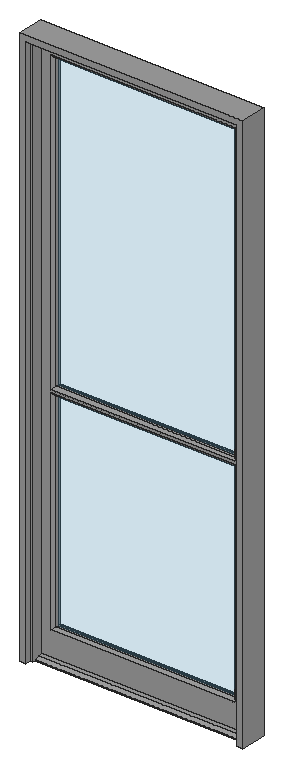
Revit family "NS-212 DOOR-0.25-PD-CW_v05", category Curtain Panels, Revit 2015
Parameters
  Width [instance] = 3' - 2"
  URL = "obe.com"
  Rough Width [instance] = 6' - 0"
  Panel Width [instance] = [Min-Max Panel Width]  # 3' - 0"
  Panel Offset [instance] = 0' - 0"
  Offset [instance] = 0' - 0"
  Model = "NS-212 DOOR"
  Min-Max Rough Width [instance] = if(and((Rough Width > 3' 1 255/256"), (Rough Width < 3' 8 1/256")), Rough Width, 3' 2")  # 3' - 2"
  Min-Max Panel Width [instance] = if(and((Rough Width > 3' 1 255/256"), (Rough Width < 3' 8 1/256")), Rough Width - 0' 2 1/2", 3' 0")  # 3' - 0"
  Manufacturer = "Oldcastle BuildingEnvelope®"
  Keynote = "08 11 00"
  Hinge [instance] = yes
  Height [instance] = 8' - 0"
  Pushbar Height [instance] = 3' - 5 1/4"  # constant formula
  Glass Material = Glass
  Frame Material = Aluminum
  Door Panel Height [instance] = Height - 0' 0 17/32"  # 7' - 11 15/32"
  Description = "NS-212 - 1/4\" Door Infill"
  Assembly Code = "B2030"
  Analytic Construction = "<None>"
  8 Muntin [instance] = no
  6.5 Muntin [instance] = no
  6.5 Bottom Rail [instance] = not([4 Bottom Rail])  # no
  4 Muntin [instance] = no
  4 Bottom Rail [instance] = yes
  1.875 Muntin [instance] = no
  0.5 Muntin [instance] = if(or([1.875 Muntin], [4 Muntin], [6.5 Muntin], [8 Muntin]), 1 = 2, 1 = 1)  # yes
Reference planes (in)
  plane 1 "Front": y = 0
  plane 2: z = 0
  plane 3 "Center (Left/Right)": x = 0
  plane 4 "Left": x = -19
  plane 5 "Right": x = 19
  plane 6 "Top": z = 96
  plane 7 "Offset": y = 0
  plane 8: y = -1.28244
  plane 9: y = -1.28244
  plane 10: x = -19
  plane 11: x = 19
Forms (in)
  Sweep 1, solid, material "Aluminum" <- "Frame Material"
    path origin (0, 0, 0) x (-1, 0, 0) y (0, 0, 1)
      loop
        line (19, 0) -> (19, 96)
    profile origin (-19, 0, 48) x (1, 0, 0) y (0, 1, 0)
      loop
        line (1, -1.97) -> (1, 0) -> (0, 0) -> (0, -4.5) -> (1, -4.5) -> (1, -3.595) -> (1.5, -3.595) -> (1.5, -1.97) -> (1, -1.97)
  Sweep 2, solid, material "Aluminum" <- "Frame Material"
    path origin (0, 0, 0) x (-1, 0, 0) y (0, 0, 1)
      loop
        line (-19, 0) -> (-19, 96)
    profile origin (19, 0, 48) x (1, 0, 0) y (0, 1, 0)
      loop
        line (-1, -1.97) -> (-1.5, -1.97) -> (-1.5, -3.595) -> (-1, -3.595) -> (-1, -4.5) -> (0, -4.5) -> (0, 0) -> (-1, 0) -> (-1, -1.97)
  Extrusion 3, solid, material "Aluminum" <- "Frame Material"
    sketch origin (-19, 0, 0) x (0, -1, 0) y (0, 0, 1)
      loop
        line (1.97, 94.5) -> (3.595, 94.5) -> (3.595, 95) -> (4.5, 95) -> (4.5, 96) -> (0, 96) -> (0, 95) -> (1.97, 95) -> (1.97, 94.5)
    from -38 to 0
Cuts and joins
  joined: Sweep 1, Sweep 2, Extrusion 3
Text (in)
  text "Exterior" at (-54.29358, 31.38743, 0), in view "Ref. Level"
  text "Exterior" at (480, 41.53993, 89.60405), in view "Right"
  text "Exterior" at (-240, 57.82419, 105.78864), in view "Left"
Dimensions and locks (in)
  equal spacing: plane 4 "Left", plane 3 "Center (Left/Right)", plane 5 "Right"
  "Width": plane 4 "Left" to plane 5 "Right"
  "Height": plane 6 "Top" to plane 2
  "Offset": plane 1 "Front" to plane 7 "Offset"
  locked: plane 7 "Offset" to plane 8 at 1.28244
  locked: plane 7 "Offset" to plane 9 at 1.28244
  Extrusion 3 sketch curve to Extrusion 3 sketch curve to Extrusion 3 sketch curve = 0' - 0 1/2" locked, 0' - 0" locked
  Extrusion 3 sketch curve to nested 1 to Extrusion 3 sketch curve to Extrusion 3 sketch curve to Extrusion 3 sketch curve = 0' - 0", 0' - 1.97", 0' - 1 5/8" locked, 0' - 0.905" locked
  equal spacing: plane 10, plane 3 "Center (Left/Right)", plane 11
  "Min-Max Rough Width": plane 10 to plane 11
  plane 7 "Offset" to nested 1 = 0' - 0"
  aligned and locked: level to plane 2
  aligned and locked: plane 3 "Center (Left/Right)" to nested 1
  aligned and locked: plane 6 "Top" to Sweep 1 sketch curve
  aligned and locked: level to Sweep 1 sketch curve
  aligned and locked: plane 6 "Top" to Sweep 2 sketch curve
  aligned and locked: level to Sweep 2 sketch curve
  aligned and locked: Extrusion 3 to plane 6 "Top"
  aligned and locked: Extrusion 3 sketch curve to plane 6 "Top"
  aligned and locked: Sweep 1 sketch curve to plane 10
  aligned and locked: plane 11 to Sweep 2 sketch curve
  aligned and locked: cut or joined group of Sweep 1, Sweep 2, Extrusion 3 to plane 11
  aligned and locked: cut or joined group of Sweep 1, Sweep 2, Extrusion 3 to plane 10
  aligned and locked: nested 1 to plane 7 "Offset"
Automatic sketch dimensions
  Sweep 1 sketch curve to profile plane = 0' - 0"
  Sweep 1 sketch curve to plane 7 "Offset" = 0' - 0"
  Sweep 1 sketch curve to profile plane = 0' - 1"  (x2)
  Sweep 1 sketch curve to Sweep 1 sketch curve = 0' - 0 1/2"
  Sweep 1 sketch curve to plane 7 "Offset" = 0' - 1.97"
  Sweep 1 sketch curve to Sweep 1 sketch curve = 0' - 1 5/8"
  Sweep 1 sketch curve to Sweep 1 sketch curve = 0' - 0.905"
  Sweep 2 sketch curve to plane 7 "Offset" = 0' - 0"
  Sweep 2 sketch curve to profile plane = 0' - 0"
  profile plane to Sweep 2 sketch curve = 0' - 1"  (x2)
  Sweep 2 sketch curve to Sweep 2 sketch curve = 0' - 0 1/2"
  Sweep 2 sketch curve to plane 7 "Offset" = 0' - 1.97"
  Sweep 2 sketch curve to Sweep 2 sketch curve = 0' - 1 5/8"
  Sweep 2 sketch curve to Sweep 2 sketch curve = 0' - 0.905"
  plane 6 "Top" to Extrusion 3 sketch curve = 0' - 1"
Nested families (in)
  nested 1: "NS-212 DOOR-0.25-PD-Panel_v04" at (0, -10.78125, 0), Frame Material <- "Frame Material", Glass Material <- "Glass Material", 0.5 Muntin <- "0.5 Muntin", 1.875 Muntin <- "1.875 Muntin", 4 Muntin <- "4 Muntin", 6.5 Muntin <- "6.5 Muntin", 8 Muntin <- "8 Muntin", 4 Bottom Rail <- "4 Bottom Rail", Height <- "Door Panel Height", Width <- "Min-Max Panel Width", type "NS-212 DOOR-0.25-PD-Panel_v04"
    with built-in parameter 1001301 3' - 0", Pushbar Height 3' - 5 1/4", Offset 0' - 0", built-in parameter 1001300 7' - 11 15/32", Glass at Muntin 0' - 1 1/16", Glass Material Glass, Frame Material Aluminum, Bottom Rail 0' - 4 31/32", 8 Muntin no, 6.5 Muntin no, 6.5 Bottom Rail no, 4 Muntin no, 4 Bottom Rail yes, 1.875 Muntin no, 0.5 Muntin yes
Definition of nested family "NS-212 DOOR-0.25-PD-Panel_v04"
  Parameters (values of type "NS-212 DOOR-0.25-PD-Panel_v04")
    Width [instance] = 3' - 0"
    Offset [instance] = 0' - 1 25/32"
    Height [instance] = 8' - 0"
    Glass at Muntin [instance] = if([8 Muntin], 0' 8 9/16", if([6.5 Muntin], 0' 7 1/16", if([4 Muntin], 0' 4 9/16", if([1.875 Muntin], 0' 2 109/256", 0' 1 1/16"))))  # 0' - 1 1/16"
    Pushbar Height [instance] = 3' - 5 1/4"  # constant formula
    Glass Material [instance] = none
    Frame Material [instance] = none
    Bottom Rail [instance] = if([4 Bottom Rail], 0' 4 31/32", 0' 7 15/32")  # 0' - 4 31/32"
    Analytic Construction = "<None>"
    8 Muntin [instance] = no
    6.5 Muntin [instance] = no
    6.5 Bottom Rail [instance] = not([4 Bottom Rail])  # no
    4 Muntin [instance] = no
    4 Bottom Rail [instance] = yes
    1.875 Muntin [instance] = no
    0.5 Muntin [instance] = if(or([1.875 Muntin], [4 Muntin], [6.5 Muntin], [8 Muntin]), 1 = 2, 1 = 1)  # yes
  Reference planes (in)
    plane 1 "00": y = 8
    plane 2: z = 0
    plane 3 "Center (Left/Right)": x = 0
    plane 4: z = 96
    plane 5: x = 18
    plane 6: x = -18
    plane 7 "Center (Front/Back)": y = 10.78125
    plane 8 "Exterior": y = 8.125
    plane 9: z = 48
    plane 10: z = 80.96875
    plane 11: z = 92.875
    plane 12 "Offset": y = 9
    plane 13: z = 41.78125
    plane 14: z = 40.71875
    plane 15: z = 41.25
  Forms (in)
    Sweep 1, solid, material <- "Frame Material"
      path origin (0, 8, 0) x (1, 0, 0) y (0, 0, 1)
        loop
          line (-17.83806, 96) -> (17.83796, 96)
      profile origin (-0.00005, 8, 96) x (0, 0, 1) y (0, -1, 0)
        loop
          line (-0.46875, -0.875) -> (-0.46875, 0.875) -> (-2.83968, 0.875) -> (-3.34375, 0.45204) -> (-3.34375, 0.125) -> (-3.125, 0.125) -> (-3.125, -0.125) -> (-3.34375, -0.125) -> (-3.34375, -0.45204) -> (-2.83968, -0.875) -> (-0.46875, -0.875)
    Sweep 2, solid, material <- "Frame Material"
      path origin (0, 8, 0) x (1, 0, 0) y (0, 0, 1)
        loop
          line (17.83795, 0) -> (-17.83795, 0)
      profile origin (0, 8, 0) x (0, 0, -1) y (0, -1, 0)
        loop
          line (-4.68343, -0.875) -> (-0.6875, -0.875) -> (-0.6875, 0.875) -> (-4.68343, 0.875) -> (-5.1875, 0.45204) -> (-5.1875, 0.125) -> (-4.96875, 0.125) -> (-4.96875, -0.125) -> (-5.1875, -0.125) -> (-5.1875, -0.45204) -> (-4.68343, -0.875)
        loop
          line (-0.5, -1.1555) -> (-0.19364, -1.8125) -> (0, -1.8125) -> (0, 2.1875) -> (-0.19364, 2.1875) -> (-0.5, 1.5305) -> (-0.5, -1.1555)
    Sweep 3, solid, material <- "Frame Material"
      path origin (0, 8, 0) x (1, 0, 0) y (0, 0, 1)
        loop
          line (18, 95.53125) -> (18, 0.6875)
      profile origin (18, 8, 48.10937) x (0, -1, 0) y (1, 0, 0)
        loop
          line (-0.875, -0.0625) -> (-0.875, -2.18343) -> (-0.45204, -2.6875) -> (-0.125, -2.6875) -> (-0.125, -2.46875) -> (0.125, -2.46875) -> (0.125, -2.6875) -> (0.45204, -2.6875) -> (0.875, -2.18343) -> (0.875, -0.16204) -> (-0.875, -0.0625)
    Sweep 4, solid, material <- "Frame Material"
      path origin (0, 8, 0) x (1, 0, 0) y (0, 0, 1)
        loop
          line (-18, 95.53125) -> (-18, 0.6875)
      profile origin (-18, 8, 48.10937) x (0, -1, 0) y (1, 0, 0)
        loop
          line (0.875, 0.92628) -> (0.875, 2.18342) -> (0.45204, 2.68749) -> (0.125, 2.68749) -> (0.125, 2.46874) -> (-0.125, 2.46874) -> (-0.125, 2.68749) -> (-0.45204, 2.68749) -> (-0.875, 2.18342) -> (-0.875, 0.81728) -> (-0.875, 0.0625) -> (0.875, 0.16194) -> (0.875, 0.92628)
    Sweep 5, solid, material <- "Frame Material"
      path origin (0, 8, 0) x (1, 0, 0) y (0, 0, 1)
        loop
          line (17.8285, 40.71875) -> (-17.82372, 40.71875)
      profile origin (0.00239, 8, 40.71875) x (0, 0, -1) y (0, -1, 0)
        loop
          line (-1.28532, 0.45204) -> (-1.28532, 0.125) -> (-1.0625, 0.125) -> (-1.0625, -0.125) -> (-1.28532, -0.125) -> (-1.28532, -0.45204) -> (-0.78125, -0.875) -> (-0.28939, -0.875) -> (0.21468, -0.45204) -> (0.21468, -0.125) -> (-0.00407, -0.125) -> (-0.00407, 0.125) -> (0.21468, 0.125) -> (0.21468, 0.45204) -> (-0.28939, 0.875) -> (-0.78125, 0.875) -> (-1.28532, 0.45204)
    Extrusion 6, solid, material <- "Glass Material"
      sketch origin (0, 0, 0) x (1, 0, 0) y (0, 1, 0)
        loop
          line (-15.53126, 8.125) -> (-15.53126, 7.875) -> (15.53125, 7.875) -> (15.53125, 8.125) -> (-15.53126, 8.125)
      from 41.78125 to 92.875
    Extrusion 7, solid, material <- "Glass Material"
      sketch origin (0, 0, 0) x (1, 0, 0) y (0, 1, 0)
        loop
          line (-15.53126, 8.125) -> (-15.53126, 7.875) -> (15.53125, 7.875) -> (15.53125, 8.125) -> (-15.53126, 8.125)
      from 4.96875 to 40.71875
  Cuts and joins
    joined: Sweep 1, Sweep 2, Sweep 3, Sweep 4, Sweep 5
  Lines and regions (in)
    model lines
      curve 1: line (15.3125, 8.125, 48) -> (-15.31251, 8.125, 92.65625)
      curve 2: line (15.3125, 8.125, 48) -> (-15.31251, 8.125, 5.1875)
  Dimensions and locks (in)
    equal spacing: level, plane 9, plane 4
    locked: Sweep 3 sketch curve to plane 4 at 0.46875
    locked: Sweep 4 sketch curve to plane 4 at 0.46875
    "Bottom Rail": Sweep 2 sketch curve to level
    Sweep 2 sketch curve to Sweep 2 sketch curve to Sweep 2 sketch curve to Sweep 2 sketch curve to Sweep 2 sketch curve = 0' - 0" locked, 0' - 0 7/32" locked, 0' - 0.28532" locked, 0' - 0" locked
    "Width": plane 6 to plane 5
    locked: plane 6 to Extrusion 6 sketch curve at 2.46874
    locked: Extrusion 6 sketch curve to plane 5 at 2.46875
    locked: Extrusion 7 sketch curve to plane 5 at 2.46875
    locked: plane 6 to Extrusion 7 sketch curve at 2.46874
    locked: Sweep 1 sketch curve to plane 6 at 0.16194
    locked: plane 5 to Sweep 1 sketch curve at 0.16204
    locked: plane 5 to Sweep 5 sketch curve at 0.1715
    locked: Sweep 5 sketch curve to plane 6 at 0.17628
    locked: plane 5 to Sweep 2 sketch curve at 0.16205
    locked: Sweep 2 sketch curve to plane 6 at 0.16205
    locked: plane 4 to plane 11 at 3.125
    Extrusion 7 sketch curve to Extrusion 7 sketch curve to plane 8 "Exterior" = 0' - 0 1/4" locked, 0' - 0" locked
    Extrusion 6 sketch curve to Extrusion 6 sketch curve to plane 8 "Exterior" = 0' - 0 1/4" locked, 0' - 0" locked
    equal spacing: plane 6, plane 3 "Center (Left/Right)", plane 5
    plane 1 "00" to plane 8 "Exterior" to plane 12 "Offset" = 0' - 0 1/8" locked, 0' - 0 7/8" locked
    "Offset": plane 12 "Offset" to plane 7 "Center (Front/Back)"
    equal spacing: plane 13, plane 15, plane 14
    "Glass at Muntin": plane 13 to plane 14
    "Pushbar Height": plane 15 to plane 2
    "Height": plane 4 to plane 2
    Sweep 5 sketch curve to plane 13 to Sweep 5 sketch curve = 0' - 0.22282" locked, 0' - 0 9/32" locked
    Sweep 5 sketch curve to profile plane to Sweep 5 sketch curve = 0' - 0.28939" locked, 0' - 0.21468" locked
    locked: Sweep 4 sketch curve to plane 2 at 0.6875
    locked: Sweep 3 sketch curve to plane 2 at 0.6875
    aligned and locked: plane 2 to level
    aligned and locked: Sweep 1 sketch curve to plane 4
    aligned and locked: Sweep 2 sketch curve to level
    aligned and locked: plane 5 to Sweep 3 sketch curve
    aligned and locked: plane 6 to Sweep 4 sketch curve
    aligned and locked: Extrusion 7 to cut or joined group of Sweep 1, Sweep 2, Sweep 3, Sweep 4, Sweep 5
    aligned and locked: plane 11 to Extrusion 6
    aligned and locked: plane 9 to curve 1
    aligned and locked: Sweep 5 sketch curve to plane 14
    aligned and locked: plane 13 to Sweep 5 sketch curve
    aligned and locked: plane 14 to Extrusion 7
    aligned and locked: Extrusion 6 to plane 13
  Automatic sketch dimensions
    profile plane to Sweep 1 sketch curve = 0' - 0 15/32"
    Sweep 1 sketch curve to plane 1 "00" = 0' - 0 7/8"
    Sweep 1 sketch curve to Sweep 1 sketch curve = 0' - 2.37093"
    Sweep 1 sketch curve to plane 1 "00" = 0' - 0.45204"
    Sweep 1 sketch curve to Sweep 1 sketch curve = 0' - 0.50407"  (x2)
    Sweep 1 sketch curve to plane 1 "00" = 0' - 0 1/8"
    Sweep 1 sketch curve to Sweep 1 sketch curve = 0' - 0 7/32"  (x2)
    plane 1 "00" to Sweep 1 sketch curve = 0' - 0 1/8"
    plane 1 "00" to Sweep 1 sketch curve = 0' - 0 7/8"
    Sweep 1 sketch curve to Sweep 1 sketch curve = 0' - 0.32704"
    Sweep 5 sketch curve to Sweep 5 sketch curve = 0' - 0.22282"
    Sweep 5 sketch curve to plane 1 "00" = 0' - 0 7/8"
    Sweep 5 sketch curve to plane 1 "00" = 0' - 0.45204"  (x2)
    Sweep 5 sketch curve to plane 1 "00" = 0' - 0 1/8"  (x2)
    plane 1 "00" to Sweep 5 sketch curve = 0' - 0 1/8"  (x2)
    Sweep 5 sketch curve to Sweep 5 sketch curve = 0' - 0.32704"  (x2)
    Sweep 5 sketch curve to Sweep 5 sketch curve = 0' - 0.42296"
    profile plane to Sweep 5 sketch curve = 0' - 0.28939"
    Sweep 5 sketch curve to Sweep 5 sketch curve = 0' - 0 7/32"  (x2)
    Sweep 5 sketch curve to Sweep 5 sketch curve = 0' - 0.50407"
    profile plane to Sweep 3 sketch curve = 0' - 0 1/16"
    Sweep 3 sketch curve to plane 1 "00" = 0' - 0 7/8"
    Sweep 3 sketch curve to plane 1 "00" = 0' - 0.45204"
    Sweep 3 sketch curve to plane 1 "00" = 0' - 0 1/8"
    plane 1 "00" to Sweep 3 sketch curve = 0' - 0 1/8"
    Sweep 3 sketch curve to Sweep 3 sketch curve = 0' - 0.32704"
    Sweep 3 sketch curve to Sweep 3 sketch curve = 0' - 0.42296"
    Sweep 3 sketch curve to Sweep 3 sketch curve = 0' - 2.12093"
    Sweep 3 sketch curve to Sweep 3 sketch curve = 0' - 0"
    Sweep 3 sketch curve to Sweep 3 sketch curve = 0' - 0.28532"
    Sweep 3 sketch curve to Sweep 3 sketch curve = 0' - 0 7/32"  (x2)
    profile plane to Sweep 3 sketch curve = 0' - 0.16204"
    Sweep 4 sketch curve to profile plane = 0' - 0 1/16"
    Sweep 4 sketch curve to plane 1 "00" = 0' - 0 7/8"
    Sweep 4 sketch curve to plane 1 "00" = 0' - 0.45204"
    Sweep 4 sketch curve to plane 1 "00" = 0' - 0 1/8"
    plane 1 "00" to Sweep 4 sketch curve = 0' - 0 1/8"
    Sweep 4 sketch curve to Sweep 4 sketch curve = 0' - 0.32704"
    plane 1 "00" to Sweep 4 sketch curve = 0' - 0 7/8"
    Sweep 4 sketch curve to Sweep 4 sketch curve = 0' - 0.75478"
    Sweep 4 sketch curve to profile plane = 0' - 0.92628"
    Sweep 4 sketch curve to Sweep 4 sketch curve = 0' - 1.36614"
    Sweep 4 sketch curve to Sweep 4 sketch curve = 0' - 1.25714"
    Sweep 4 sketch curve to Sweep 4 sketch curve = 0' - 0.28532"
    Sweep 4 sketch curve to Sweep 4 sketch curve = 0' - 0 7/32"  (x2)
    Sweep 4 sketch curve to profile plane = 0' - 0.16194"
    curve 2 to plane 5 = 0' - 2 11/16"
    plane 6 to curve 2 = 0' - 2 11/16"
    curve 1 to plane 11 = 0' - 0 7/32"
    plane 6 to curve 1 = 0' - 2 11/16"
    level to curve 2 = 0' - 5 3/16"
    Sweep 2 sketch curve to profile plane = 0' - 0"
    profile plane to Sweep 2 sketch curve = 0' - 0 11/16"
    Sweep 2 sketch curve to Sweep 2 sketch curve = 0' - 0 3/16"
    Sweep 2 sketch curve to Sweep 2 sketch curve = 0' - 0.19364"  (x2)
    Sweep 2 sketch curve to plane 1 "00" = 0' - 1 13/16"
    Sweep 2 sketch curve to Sweep 2 sketch curve = 0' - 0.657"  (x2)
    Sweep 2 sketch curve to Sweep 2 sketch curve = 0' - 0.2805"
    Sweep 2 sketch curve to plane 1 "00" = 0' - 0.45204"
    Sweep 2 sketch curve to plane 1 "00" = 0' - 0 1/8"
    plane 1 "00" to Sweep 2 sketch curve = 0' - 0 1/8"
    Sweep 2 sketch curve to Sweep 2 sketch curve = 0' - 0.32704"
    Sweep 2 sketch curve to Sweep 2 sketch curve = 0' - 0.42296"
    Sweep 2 sketch curve to Sweep 2 sketch curve = 0' - 0.6555"
